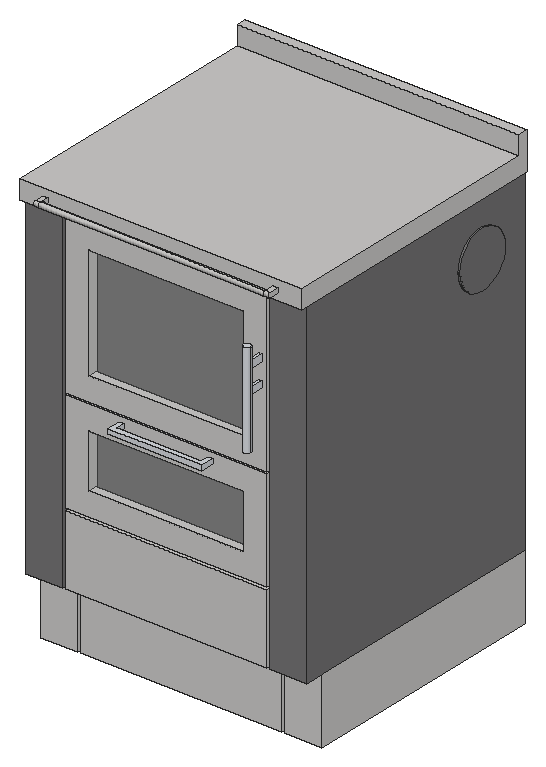
Revit family "Kitchen Stove Pertinger Ökoalpin 60BU", category Generic Models, Revit 2016
Family settings
  Part Type = Normal
  Can host rebar = No
  Round Connector Dimension = Use Diameter
  Work Plane-Based = Yes
  Always vertical = Yes
  Cut with Voids When Loaded = No
  Shared = No
  Room Calculation Point = No
Parameters
  Width = 600 mm
  Plinth Material = M22.10 Terästuotteet, ruostumattomat
  ID = ""
  Hob Material = M22.10 Terästuotteet, ruostumattomat
  Height [instance] = 900 mm
  Frame Material = RAL Classic 9004, matta, ruisku
  Drawer Material = M22.10 Terästuotteet, ruostumattomat
  Door Material = M22.10 Terästuotteet, ruostumattomat
  Door Glass = M31.60 Lasilevyt, kirkas
  Default Elevation = 0 mm
Reference planes
  plane 1 "Center (Front/Back)": y = 0
  plane 2: z = 0
  plane 3 "Center (Left/Right)": x = 0
  plane 4 "Left": x = -300
  plane 5 "Right": x = 300
  plane 6: y = -300
  plane 7: y = 300
  plane 8 "Top Plinth": z = 140
  plane 9 "Top Firebox Door": z = 860
  plane 10 "Top": z = 900
  plane 11: z = 940
  plane 12: y = 295
  plane 13 "Frame Front": y = -285
  plane 14: y = -245
  plane 15: x = -220
  plane 16: x = 220
  plane 17: x = -220
  plane 18: x = 220
  plane 19: x = -215
  plane 20: x = 215
  plane 21: x = -165
  plane 22: x = 165
  plane 23: x = -165
  plane 24: x = 165
  plane 25: x = 200
  plane 26: z = 495
  plane 27: z = 880
Forms (mm)
  Extrusion 1, solid, material "M22.10 Terästuotteet, ruostumattomat" <- "Plinth Material"
    sketch origin (0, 0, 0) x (1, 0, 0) y (0, 1, 0)
      loop
        line (-300, -245) -> (-220, -245) -> (-220, -225) -> (220, -225) -> (220, -245) -> (300, -245) -> (300, 295) -> (-300, 295) -> (-300, -245)
    from 0 to 140
  Extrusion 2, solid, material "RAL Classic 9004, matta, ruisku" <- "Frame Material"
    sketch origin (0, 0, 140) x (-1, 0, 0) y (0, -1, 0)
      loop
        line (300, -295) -> (300, 285) -> (220, 285) -> (220, 265) -> (-220, 265) -> (-220, 285) -> (-300, 285) -> (-300, -295) -> (300, -295)
    from 0 to 720
  Extrusion 3, solid, material "M22.10 Terästuotteet, ruostumattomat" <- "Hob Material"
    sketch origin (300, 0, 0) x (0, -1, 0) y (0, 0, -1)
      loop
        line (-300, -860) -> (-300, -940) -> (-280, -940) -> (-280, -900) -> (300, -900) -> (300, -860) -> (-300, -860)
    from -600 to 0
  Extrusion 4, solid, material "M22.10 Terästuotteet, ruostumattomat" <- "Plinth Material"
    sketch origin (0, 0, 0) x (1, 0, 0) y (0, 1, 0)
      loop
        line (-215, -225) -> (-215, -245) -> (215, -245) -> (215, -225) -> (-215, -225)
    from 0 to 140
  Extrusion 5, solid, material "M22.10 Terästuotteet, ruostumattomat" <- "Drawer Material"
    sketch origin (0, 0, 140) x (-1, 0, 0) y (0, -1, 0)
      loop
        line (215, 265) -> (215, 285) -> (-215, 285) -> (-215, 265) -> (215, 265)
    from 0 to 150
  Extrusion 6, solid, material "M31.60 Lasilevyt, kirkas" <- "Door Glass"
    sketch origin (0, 0, 140) x (-1, 0, 0) y (0, -1, 0)
      loop
        line (165, 285) -> (-165, 285) -> (-165, 265) -> (165, 265) -> (165, 285)
    from 425 to 665
  Sweep 7, solid, material "M22.10 Terästuotteet, ruostumattomat" <- "Door Material"
    path origin (0, 0, 0) x (1, 0, 0) y (0, 0, 1)
      loop
        line (-215, 515) -> (215, 515) -> (215, 855) -> (-215, 855) -> (-215, 515)
    profile origin (-215, 0, 685) x (-1, 0, 0) y (0, -1, 0)
      loop
        line (0, 285) -> (-50, 285) -> (-50, 265) -> (0, 265) -> (0, 285)
  Extrusion 8, solid, material "M31.60 Lasilevyt, kirkas" <- "Door Glass"
    sketch origin (0, 0, 140) x (-1, 0, 0) y (0, -1, 0)
      loop
        line (165, 285) -> (-165, 285) -> (-165, 265) -> (165, 265) -> (165, 285)
    from 205 to 320
  Sweep 9, solid, material "M22.10 Terästuotteet, ruostumattomat" <- "Door Material"
    path origin (0, 0, -345) x (1, 0, 0) y (0, 0, 1)
      loop
        line (-215, 640) -> (215, 640) -> (215, 855) -> (-215, 855) -> (-215, 640)
    profile origin (-215, 0, 402.5) x (-1, 0, 0) y (0, -1, 0)
      loop
        line (0, 285) -> (-50, 285) -> (-50, 265) -> (0, 265) -> (0, 285)
  Extrusion 10, solid, material "RAL Classic 9004, matta, ruisku" <- "Frame Material"
    sketch origin (-300, 0, 0) x (0, -1, 0) y (0, 0, 1)
      loop
        circle (-175, 750) r 60
    from 0 to 6
  Extrusion 11, solid, material "RAL Classic 9004, matta, ruisku" <- "Frame Material"
    sketch origin (300, 0, 0) x (0, -1, 0) y (0, 0, -1)
      loop
        circle (-175, -750) r 60
    from 0 to 6
Lines and regions (mm)
  Split face 1
    outline origin (300, 280, 900) x (0, -1, 0) y (1, 0, 0)
      loop
        line (30, -550) -> (530, -550) -> (530, -50) -> (30, -50) -> (30, -550)
  model lines
    curve 1: line (-250, 250, 900) -> (-250, -250, 900)
    curve 2: line (-250, -250, 900) -> (250, -250, 900)
    curve 3: line (250, -250, 900) -> (250, 250, 900)
    curve 4: line (250, 250, 900) -> (-250, 250, 900)
    curve 5: circle (0, -60, 900) r 120 normal (0, 0, 1)
    curve 6: line (-82.148, 27.474, 900) -> (-124.575, 69.9, 900)
    curve 7: line (87.474, -142.148, 900) -> (129.9, -184.575, 900)
    curve 8: line (-87.474, -142.148, 900) -> (-129.9, -184.575, 900)
    curve 9: line (82.148, 27.474, 900) -> (124.575, 69.9, 900)
    curve 10: circle (0, 170, 900) r 60 normal (0, 0, 1)
Dimensions and locks
  equal spacing: plane 4 "Left", plane 3 "Center (Left/Right)", plane 5 "Right"
  "Width": plane 4 "Left" to plane 5 "Right"
  plane 8 "Top Plinth" to plane 2 = 140 mm
  plane 11 to plane 10 "Top" to plane 27 to plane 9 "Top Firebox Door" to plane 8 "Top Plinth" = 40 mm locked, 20 mm locked, 20 mm locked, 720 mm locked
  locked: plane 12 to plane 7 at 5
  plane 14 to plane 13 "Frame Front" to plane 6 = 40 mm locked, 15 mm locked
  curve 10 to plane 7 = 130 mm
  curve 5 to plane 6 = 240 mm
  locked: plane 4 "Left" to plane 15 at 80
  locked: plane 16 to plane 5 "Right" at 80
  locked: plane 4 "Left" to plane 17 at 80
  locked: plane 18 to plane 5 "Right" at 80
  locked: plane 4 "Left" to plane 19 at 85
  locked: plane 20 to plane 5 "Right" at 85
  locked: plane 19 to plane 21 at 50
  locked: plane 22 to plane 20 at 50
  plane 9 "Top Firebox Door" to Sweep 7 sketch curve to Sweep 7 sketch curve = 5 mm locked, 340 mm locked
  plane 9 "Top Firebox Door" to Sweep 9 sketch curve to Sweep 9 sketch curve = 350 mm locked, 215 mm locked
  locked: plane 5 "Right" to plane 25 at 100
  locked: plane 9 "Top Firebox Door" to plane 26 at 365
  plane 7 to Extrusion 10 sketch curve = 125 mm
  plane 10 "Top" to Extrusion 10 sketch curve = 150 mm
  "Height": plane 10 "Top" to plane 2
  aligned and locked: level to plane 2
  aligned and locked: Extrusion 1 sketch curve to plane 4 "Left"
  aligned and locked: plane 5 "Right" to Extrusion 1 sketch curve
  aligned and locked: plane 12 to Extrusion 2 sketch curve
  aligned and locked: Extrusion 2 sketch curve to plane 4 "Left"
  aligned and locked: plane 5 "Right" to Extrusion 2 sketch curve
  aligned and locked: Extrusion 2 sketch curve to plane 13 "Frame Front"  (x2)
  aligned and locked: Extrusion 1 sketch curve to plane 14  (x2)
  aligned and locked: plane 12 to Extrusion 1 sketch curve
  aligned and locked: plane 9 "Top Firebox Door" to Extrusion 2
  aligned and locked: plane 9 "Top Firebox Door" to Extrusion 3 sketch curve
  aligned and locked: plane 6 to Extrusion 3 sketch curve
  aligned and locked: Extrusion 3 sketch curve to plane 7
  aligned and locked: plane 11 to Extrusion 3 sketch curve
  aligned and locked: plane 10 "Top" to Extrusion 3 sketch curve
  aligned and locked: plane 4 "Left" to Extrusion 3
  aligned and locked: plane 5 "Right" to Extrusion 3
  aligned and locked: Split face 1 sketch curve to curve 1
  aligned and locked: Split face 1 sketch curve to curve 2
  aligned and locked: Split face 1 sketch curve to curve 3
  aligned and locked: Split face 1 sketch curve to curve 4
  aligned and locked: Extrusion 2 sketch curve to plane 15
  aligned and locked: plane 16 to Extrusion 2 sketch curve
  aligned and locked: Extrusion 1 sketch curve to plane 17
  aligned and locked: Extrusion 1 sketch curve to plane 18
  aligned and locked: Extrusion 1 to Extrusion 4 sketch curve
  aligned and locked: Extrusion 4 sketch curve to plane 19
  aligned and locked: Extrusion 4 sketch curve to plane 14
  aligned and locked: Extrusion 4 sketch curve to plane 20
  aligned and locked: Extrusion 2 to Extrusion 5 sketch curve
  aligned and locked: Extrusion 5 sketch curve to plane 19
  aligned and locked: Extrusion 5 sketch curve to plane 13 "Frame Front"
  aligned and locked: Extrusion 5 sketch curve to plane 20
  aligned and locked: Extrusion 6 sketch curve to plane 13 "Frame Front"
  aligned and locked: Extrusion 2 to Extrusion 6 sketch curve
  aligned and locked: Extrusion 6 sketch curve to plane 21
  aligned and locked: Extrusion 6 sketch curve to plane 22
  aligned and locked: Sweep 7 sketch curve to plane 19  (x2)
  aligned and locked: Sweep 7 sketch curve to Extrusion 6
  aligned and locked: Sweep 7 sketch curve to plane 13 "Frame Front"
  aligned and locked: Extrusion 8 sketch curve to plane 23
  aligned and locked: Extrusion 8 sketch curve to plane 24
  aligned and locked: Sweep 7 sketch curve to plane 20
  aligned and locked: Sweep 9 sketch curve to plane 19
  aligned and locked: Sweep 9 sketch curve to plane 20
  aligned and locked: nested 1 to plane 3 "Center (Left/Right)"
  aligned and locked: plane 26 to nested 1
  aligned and locked: plane 25 to nested 2
  aligned and locked: Sweep 7 to nested 2
  aligned and locked: plane 27 to nested 3
  aligned and locked: nested 3 to plane 3 "Center (Left/Right)"
  aligned and locked: plane 8 "Top Plinth" to Extrusion 1
  aligned and locked: plane 8 "Top Plinth" to Extrusion 4
Automatic sketch dimensions
  Extrusion 1 sketch curve to Extrusion 1 sketch curve = 20 mm
  plane 13 "Frame Front" to Extrusion 2 sketch curve = 20 mm
  Extrusion 3 sketch curve to plane 12 = 15 mm
  curve 10 to plane 3 "Center (Left/Right)" = 0 mm
  curve 5 to plane 3 "Center (Left/Right)" = 0 mm
  curve 3 to plane 20 = 35 mm
  curve 2 to plane 14 = 5 mm
  plane 19 to curve 2 = 35 mm
  plane 12 to curve 1 = 45 mm
  curve 9 to plane 1 "Center (Front/Back)" = 27.474 mm
  plane 3 "Center (Left/Right)" to curve 9 = 82.148 mm
  plane 3 "Center (Left/Right)" to curve 7 = 87.474 mm
  curve 9 to curve 9 = 42.426 mm  (x2)
  curve 7 to curve 7 = 42.426 mm  (x2)
  curve 6 to plane 1 "Center (Front/Back)" = 27.474 mm
  curve 8 to plane 3 "Center (Left/Right)" = 87.474 mm
  curve 6 to curve 6 = 42.426 mm  (x2)
  curve 8 to curve 8 = 42.426 mm  (x2)
  Sweep 7 sketch curve to Sweep 7 sketch curve = 20 mm
  Extrusion 8 sketch curve to plane 13 "Frame Front" = 0 mm
  plane 13 "Frame Front" to Extrusion 8 sketch curve = 20 mm
  Sweep 9 sketch curve to profile plane = 0 mm
  profile plane to Sweep 9 sketch curve = 50 mm
  plane 1 "Center (Front/Back)" to Sweep 9 sketch curve = 265 mm
  Sweep 9 sketch curve to Sweep 9 sketch curve = 20 mm
  Extrusion 11 sketch curve to plane 12 = 120 mm
  plane 9 "Top Firebox Door" to Extrusion 11 sketch curve = 110 mm
  radius of curve 10 = 60 mm
  radius of Extrusion 10 sketch curve = 60 mm
  radius of Extrusion 11 sketch curve = 60 mm
Nested families
  nested 1: "Vedin 200" at (0, -285, 495) x (-1, 0, 0) z (0, -1, 0), type "Vedin 200"
    with Material none
  nested 2: "Tulipesän kahva" at (200, -285, 685) x (1, 0, 0) z (0, -1, 0), type "Tulipesän kahva"
    with Material none
  nested 3: "Lieden etutanko" at (0, -300, 880) x (-1, 0, 0) z (0, -1, 0), Material <- "Hob Material", type "Lieden etutanko"
    with Width 500 mm, Material M22.10 Terästuotteet, ruostumattomat
Definition of nested family "Vedin 200"
  Parameters (values of type "Vedin 200")
    Material [instance] = none
    Default Elevation = 1219.2 mm
  Reference planes
    plane 1 "Center (Front/Back)": y = 0
    plane 2: z = 0
    plane 3 "Center (Left/Right)": x = 0
  Forms (mm)
    Extrusion 1, solid
      sketch origin (0, 0, 0) x (1, 0, 0) y (0, 1, 0)
        loop
          line (-1219.2, 1219.2) -> (-1219.2, -1219.2) -> (1219.2, -1219.2) -> (1219.2, 1219.2) -> (-1219.2, 1219.2)
      from 0 to -304.8
    Sweep 2, solid, material <- "Material"
      path origin (0, 0, 0) x (1, 0, 0) y (0, 0, 1)
        loop
          line (-100, 0) -> (-100, 30) -> (100, 30) -> (100, 0)
      profile origin (-100, 0, 15) x (-1, 0, 0) y (0, -1, 0)
        loop
          line (0, 5) -> (-10, 5) -> (-10, -5) -> (0, -5) -> (0, 5)
  Dimensions and locks
    aligned and locked: plane 2 to Extrusion 1
    aligned and locked: level to Extrusion 1
Definition of nested family "Tulipesän kahva"
  Parameters (values of type "Tulipesän kahva")
    Material [instance] = none
    Default Elevation = 1219.2 mm
  Reference planes
    plane 1 "Center (Front/Back)": y = 0
    plane 2: z = 0
    plane 3 "Center (Left/Right)": x = 0
  Forms (mm)
    Extrusion 1, solid
      sketch origin (0, 0, 0) x (1, 0, 0) y (0, 1, 0)
        loop
          line (-1219.2, 1219.2) -> (-1219.2, -1219.2) -> (1219.2, -1219.2) -> (1219.2, 1219.2) -> (-1219.2, 1219.2)
      from 0 to -304.8
    Extrusion 2, solid, material <- "Material"
      sketch origin (0, 0, 0) x (1, 0, 0) y (0, 1, 0)
        loop
          line (-2.455, 50) -> (-2.455, 35) -> (2.545, 35) -> (2.545, 50) -> (-2.455, 50)
        loop
          line (-2.455, 0) -> (-2.455, -15) -> (2.545, -15) -> (2.545, 0) -> (-2.455, 0)
      from 0 to 30
    Extrusion 3, solid, material <- "Material"
      sketch origin (0, 0, 0) x (1, 0, 0) y (0, 0, 1)
        loop
          circle (0, 35) r 7.5
      from -80 to 120
  Cuts and joins
    joined: Extrusion 2, Extrusion 3
  Dimensions and locks
    aligned and locked: plane 2 to Extrusion 1
    aligned and locked: level to Extrusion 1
Definition of nested family "Lieden etutanko"
  Parameters (values of type "Lieden etutanko")
    Width [instance] = 500 mm
    Material [instance] = none
    Default Elevation = 1219.2 mm
  Reference planes
    plane 1 "Center (Front/Back)": y = 0
    plane 2: z = 0
    plane 3 "Center (Left/Right)": x = 0
    plane 4 "Left": x = -250
    plane 5 "Right": x = 250
    plane 6: x = -240
    plane 7: x = 240
  Forms (mm)
    Extrusion 1, solid
      sketch origin (0, 0, 0) x (1, 0, 0) y (0, 1, 0)
        loop
          line (-1219.2, 1219.2) -> (-1219.2, -1219.2) -> (1219.2, -1219.2) -> (1219.2, 1219.2) -> (-1219.2, 1219.2)
      from 0 to -304.8
    Extrusion 2, solid, material <- "Material"
      sketch origin (-250, 0, 0) x (0, -1, 0) y (0, 0, 1)
        loop
          line (-5, 0) -> (5, 0) -> (5, 20)
          arc (5, 20) -> (0, 25) -> (-5, 20) r 5
          line (-5, 20) -> (-5, 0)
      from 0 to -10
    Extrusion 3, solid, material <- "Material"
      sketch origin (250, 0, 0) x (0, -1, 0) y (0, 0, -1)
        loop
          line (-5, 0) -> (-5, -20)
          arc (-5, -20) -> (0, -25) -> (5, -20) r 5
          line (5, -20) -> (5, 0) -> (-5, 0)
      from 0 to -10
    Extrusion 4, solid, material <- "Material"
      sketch origin (0, 0, 0) x (0, 1, 0) y (0, 0, 1)
        loop
          circle (0, 20) r 5
      from 240 to -240
  Cuts and joins
    joined: Extrusion 2, Extrusion 3, Extrusion 4
  Dimensions and locks
    equal spacing: plane 4 "Left", plane 3 "Center (Left/Right)", plane 5 "Right"
    "Width": plane 4 "Left" to plane 5 "Right"
    locked: plane 4 "Left" to plane 6 at 10
    locked: plane 7 to plane 5 "Right" at 10
    aligned and locked: plane 2 to Extrusion 1
    aligned and locked: level to Extrusion 1
    aligned and locked: plane 6 to Extrusion 2
    aligned and locked: plane 7 to Extrusion 3
    aligned and locked: Extrusion 4 to Extrusion 3
    aligned and locked: Extrusion 4 to Extrusion 2
  Automatic sketch dimensions
    Extrusion 1 sketch curve to Extrusion 1 sketch curve = 2438.4 mm  (x2)
    Extrusion 2 sketch curve to level = 0 mm
    Extrusion 2 sketch curve to plane 1 "Center (Front/Back)" = 0 mm
    Extrusion 2 sketch curve to plane 1 "Center (Front/Back)" = 5 mm
    Extrusion 2 sketch curve to Extrusion 2 sketch curve = 20 mm
    Extrusion 3 sketch curve to level = 0 mm
    Extrusion 3 sketch curve to plane 1 "Center (Front/Back)" = 0 mm
    plane 1 "Center (Front/Back)" to Extrusion 3 sketch curve = 5 mm
    Extrusion 3 sketch curve to Extrusion 3 sketch curve = 20 mm
    Extrusion 4 sketch curve to plane 1 "Center (Front/Back)" = 0 mm
    level to Extrusion 4 sketch curve = 20 mm
    radius of Extrusion 4 sketch curve = 5 mm
